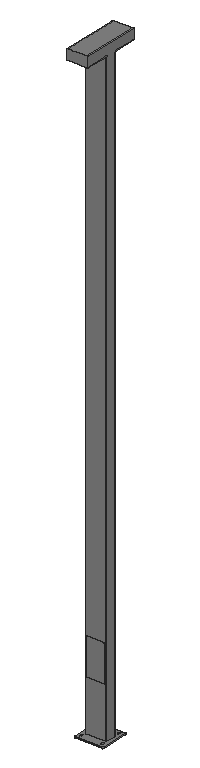
Revit family "Супремус В", category Осветительные приборы, Revit 2019 (continued)
Types (7, lengths in mm): name | Файл фотометрической сетки | built-in parameter 1150105 | Lumens | built-in parameter 1150106 | built-in parameter 1150142 | Wattage | L_общая рассеиватели | ADSK_Фактическая мощность | ADSK_Размер_Высота | ADSK_Номинальная мощность | ADSK_Наименование | ADSK_Масса_Текст | ADSK_Масса | ADSK_Артикул | 2
    87.3 279.2 270.6\r\n 262.2 253.1 243.5 234.7 226.2 218.3 210.2 202.4 193.6 184.4 175.6 167.8 160.7 154.1 147.5 141.1 134.4 128.6 123.8 119.5 115.6\r\n 112.6 109.6 106.4 103.5 100.7 97.9 95.4 93.1 90.6 87.8 85.5 83.2 81.0 78.6 76.2 73.3 70.4 67.2 64.1 60.9 57.8 55.0 52.4 50.0 47.8\r\n 45.8 44.1 42.4 40.8 39.1 37.1 35.2 33.3 31.6 29.8 28.2 26.7 25.3 23.9 22.6 21.4 20.4 19.6 18.9 18.1 17.4 16.8 16.1 15.2 13.9 12.7\r\n 12.0 11.5 11.1 10.6 10.3 9.9 9.5 9.1 8.6 8.3 7.9 7.0 6.3 5.9 5.6 5.4 5.2 5.0 4.9 4.8 4.7 4.6 4.8 4.9 4.7 4.3 4.1 3.7 3.4 3.2 3.0\r\n 2.8 2.7 2.6 2.5 2.3 2.2 2.1 2.0 1.9 1.8 1.6 1.5 1.4 1.3 0.0 0.0 0.0 0.0 0.0 0.0 0.0 0.0 0.0 0.0 0.0 0.0 0.0 0.0 0.0 0.0 0.0 0.0\r\n 0.0 0.0 0.0 0.0 0.0 0.0 0.0 0.0 0.0 0.0 0.0 0.0 0.0 0.0 0.0 0.0 0.0 0.0 0.0 0.0 0.0 0.0 0.0 0.0 0.0 0.0 0.0 0.0 0.0 0.0 0.0 0.0\r\n 0.0 0.0 0.0 0.0 0.0 0.0 0.0 0.0 0.0 0.0 0.0 0.0 0.0 0.0 0.0 0.0 0.0 0.0 0.0 0.0 0.0 0.0 0.0 0.0 0.0 0.0 0.0 0.0 0.0 0.0 0.0 0.0\r\n 0.0 0.0 0.0 0.0 0.0 0.0 0.0 0.0 0.0 0.0 0.0 0.0 0.0 0.0 0.0 0.0 0.0 0.0 0.0 0.0 0.0 0.0 0.0 0.0 0.0 0.0 0.0 0.0 0.0 0.0 0.0 0.0\r\n 0.0 0.0 0.0 0.0 0.0 0.0 0.0 0.0 0.0 0.0 0.0 0.0 0.0 0.0 0.0 0.0 0.0 0.0 0.0 0.0 0.0 0.0 0.0 0.0 0.0 0.0 0.0 0.0 0.0 0.0 0.0 0.0\r\n 0.0 0.0 0.0 0.0 0.0 0.0 0.0 0.0 0.0 0.0 0.0 0.0 0.0 0.0\r\n275.6 278.1 280.8 283.4 286.3 289.3 292.6 296.0 299.5 302.9 305.9 308.9 311.5 314.2 316.6 318.8 321.2 323.4 326.0 328.6 331.0\r\n 333.2 335.2 337.0 338.7 340.4 342.0 343.5 344.8 346.3 347.8 349.1 350.6 352.1 353.3 355.0 356.3 357.8 359.3 360.4 361.4 362.2\r\n 362.8 363.1 363.9 364.3 364.7 364.7 364.5 364.1 363.1 362.5 361.7 361.0 360.6 360.3 359.9 359.5 359.0 358.3 357.3 356.1 354.9\r\n 353.5 351.8 350.0 348.2 346.3 343.7 340.9 337.9 334.7 331.3 327.4 322.9 317.8 313.9 308.9 302.9 296.0 288.4 280.8 272.3 263.8\r\n 254.5 244.2 234.3 225.1 216.9 208.9 200.5 192.3 182.9 173.7 165.6 158.5 151.8 145.5 139.6 133.6 128.2 122.9 117.7 114.3 111.1\r\n 108.2 105.4 102.5 99.5 96.7 94.1 91.6 89.0 86.3 83.8 81.9 80.2 78.2 75.7 73.2 70.3 67.2 64.1 60.7 57.3 54.3 51.7 49.1 46.8 45.0\r\n 43.4 41.9 40.4 38.9 37.0 35.0 33.1 31.4 29.6 28.1 26.7 25.3 23.9 22.7 21.7 20.8 20.0 19.3 18.7 18.0 17.4 16.9 16.2 15.4 14.1 12.7\r\n 11.7 11.2 10.8 10.4 10.1 9.7 9.3 9.0 8.6 8.2 7.8 6.9 6.2 5.8 5.6 5.3 5.1 5.0 4.9 4.8 4.7 4.7 4.9 4.9 4.6 4.3 4.1 3.8 3.4 3.2 3.0\r\n 2.8 2.7 2.6 2.5 2.4 2.4 2.2 2.1 2.0 1.8 1.7 1.5 1.4 1.3 0.0 0.0 0.0 0.0 0.0 0.0 0.0 0.0 0.0 0.0 0.0 0.0 0.0 0.0 0.0 0.0 0.0 0.0\r\n 0.0 0.0 0.0 0.0 0.0 0.0 0.0 0.0 0.0 0.0 0.0 0.0 0.0 0.0 0.0 0.0 0.0 0.0 0.0 0.0 0.0 0.0 0.0 0.0 0.0 0.0 0.0 0.0 0.0 0.0 0.0 0.0\r\n 0.0 0.0 0.0 0.0 0.0 0.0 0.0 0.0 0.0 0.0 0.0 0.0 0.0 0.0 0.0 0.0 0.0 0.0 0.0 0.0 0.0 0.0 0.0 0.0 0.0 0.0 0.0 0.0 0.0 0.0 0.0 0.0\r\n 0.0 0.0 0.0 0.0 0.0 0.0 0.0 0.0 0.0 0.0 0.0 0.0 0.0 0.0 0.0 0.0 0.0 0.0 0.0 0.0 0.0 0.0 0.0 0.0 0.0 0.0 0.0 0.0 0.0 0.0 0.0 0.0\r\n 0.0 0.0 0.0 0.0 0.0 0.0 0.0 0.0 0.0 0.0 0.0 0.0 0.0 0.0 0.0 0.0 0.0 0.0 0.0 0.0 0.0 0.0 0.0 0.0 0.0 0.0 0.0 0.0 0.0 0.0 0.0 0.0\r\n 0.0 0.0 0.0 0.0 0.0 0.0 0.0 0.0 0.0 0.0 0.0 0.0 0.0 0.0\r\n275.6 278.0 280.5 283.4 286.2 289.3 292.9 296.2 299.5 302.8 305.9 308.8 311.4 314.0 316.5 318.8 321.1 323.4 326.0 328.6 330.9\r\n 333.1 335.1 336.6 338.4 340.3 341.8 343.0 344.6 346.0 347.4 349.0 350.4 351.8 353.1 354.7 356.3 357.6 359.0 360.3 361.1 361.9\r\n 362.4 363.0 363.3 363.7 364.3 364.3 363.7 363.0 362.2 361.5 360.6 360.0 359.6 359.3 359.0 358.7 358.1 357.3 356.1 355.1 353.9\r\n 352.4 350.4 348.6 347.1 345.2 342.6 339.9 336.4 333.2 330.0 326.0 320.9 316.0 311.5 306.2 299.9 292.8 284.9 276.9 268.1 259.4\r\n 249.1 238.2 228.2 219.7 211.9 203.4 194.8 185.9 176.5 167.9 160.0 153.1 146.7 140.6 135.0 129.3 123.8 118.8 114.9 111.7 108.7\r\n 106.0 103.1 100.1 96.8 94.1 91.5 88.9 86.0 83.2 81.1 79.6 78.0 75.8 73.4 70.7 67.7 64.7 61.7 58.3 55.1 52.1 49.5 47.1 45.1 43.5\r\n 42.2 40.9 39.5 37.8 36.0 34.0 32.1 30.2 28.7 27.3 25.9 24.5 23.3 22.2 21.2 20.4 19.6 19.0 18.3 17.7 17.0 16.4 15.8 15.0 13.6 12.3\r\n 11.4 10.9 10.5 10.1 9.7 9.3 9.0 8.6 8.3 8.1 7.6 6.7 6.1 5.8 5.5 5.3 5.1 4.9 4.9 4.8 4.6 4.8 4.9 4.9 4.7 4.3 4.1 3.7 3.4 3.2 3.0\r\n 2.8 2.7 2.6 2.5 2.5 2.5 2.4 2.2 2.0 1.9 1.7 1.6 1.5 1.3 0.0 0.0 0.0 0.0 0.0 0.0 0.0 0.0 0.0 0.0 0.0 0.0 0.0 0.0 0.0 0.0 0.0 0.0\r\n 0.0 0.0 0.0 0.0 0.0 0.0 0.0 0.0 0.0 0.0 0.0 0.0 0.0 0.0 0.0 0.0 0.0 0.0 0.0 0.0 0.0 0.0 0.0 0.0 0.0 0.0 0.0 0.0 0.0 0.0 0.0 0.0\r\n 0.0 0.0 0.0 0.0 0.0 0.0 0.0 0.0 0.0 0.0 0.0 0.0 0.0 0.0 0.0 0.0 0.0 0.0 0.0 0.0 0.0 0.0 0.0 0.0 0.0 0.0 0.0 0.0 0.0 0.0 0.0 0.0\r\n 0.0 0.0 0.0 0.0 0.0 0.0 0.0 0.0 0.0 0.0 0.0 0.0 0.0 0.0 0.0 0.0 0.0 0.0 0.0 0.0 0.0 0.0 0.0 0.0 0.0 0.0 0.0 0.0 0.0 0.0 0.0 0.0\r\n 0.0 0.0 0.0 0.0 0.0 0.0 0.0 0.0 0.0 0.0 0.0 0.0 0.0 0.0 0.0 0.0 0.0 0.0 0.0 0.0 0.0 0.0 0.0 0.0 0.0 0.0 0.0 0.0 0.0 0.0 0.0 0.0\r\n 0.0 0.0 0.0 0.0 0.0 0.0 0.0 0.0 0.0 0.0 0.0 0.0 0.0 0.0\r\n275.6 278.0 280.5 283.3 286.2 289.2 292.8 296.0 299.3 302.6 305.8 308.6 311.2 313.8 316.2 318.7 321.0 323.2 325.6 328.1 330.6\r\n 332.8 334.9 336.5 338.1 339.8 341.5 342.8 344.4 345.7 346.9 348.6 350.0 351.2 352.7 354.1 355.8 357.3 358.7 360.0 360.8 361.5\r\n 362.3 362.7 363.1 363.5 364.1 364.2 363.7 363.1 362.3 361.5 360.7 360.1 359.7 359.4 359.0 359.0 358.4 357.6 356.8 355.4 354.5\r\n 353.0 351.2 349.4 347.7 345.9 343.4 340.9 338.1 335.1 331.8 327.9 323.0 318.0 312.8 307.7 301.8 295.0 287.7 279.8 271.2 262.6\r\n 253.0 242.1 232.5 223.9 216.0 207.7 198.8 190.1 180.3 171.0 162.7 155.4 148.8 142.4 136.8 131.5 126.3 120.9 115.7 112.3 109.3\r\n 106.4 103.5 100.5 97.3 94.3 91.5 88.8 85.9 83.1 80.8 79.1 77.6 75.7 73.5 70.9 68.1 65.5 62.7 59.4 56.1 53.2 50.6 48.1 45.9 44.0\r\n 42.5 41.1 39.7 38.1 36.4 34.5 32.7 30.8 29.0 27.6 26.3 24.8 23.5 22.4 21.4 20.6 19.9 19.1 18.5 17.7 17.1 16.4 15.8 15.0 13.8 12.5\r\n 11.5 11.0 10.6 10.2 9.8 9.4 9.1 8.7 8.4 8.1 7.7 6.8 6.0 5.7 5.4 5.2 5.1 4.9 4.8 4.7 4.5 4.6 4.8 4.7 4.8 4.4 4.1 3.8 3.4 3.2 3.0\r\n 2.8 2.6 2.5 2.5 2.4 2.4 2.2 2.1 1.9 1.8 1.7 1.5 1.4 1.3 0.0 0.0 0.0 0.0 0.0 0.0 0.0 0.0 0.0 0.0 0.0 0.0 0.0 0.0 0.0 0.0 0.0 0.0\r\n 0.0 0.0 0.0 0.0 0.0 0.0 0.0 0.0 0.0 0.0 0.0 0.0 0.0 0.0 0.0 0.0 0.0 0.0 0.0 0.0 0.0 0.0 0.0 0.0 0.0 0.0 0.0 0.0 0.0 0.0 0.0 0.0\r\n 0.0 0.0 0.0 0.0 0.0 0.0 0.0 0.0 0.0 0.0 0.0 0.0 0.0 0.0 0.0 0.0 0.0 0.0 0.0 0.0 0.0 0.0 0.0 0.0 0.0 0.0 0.0 0.0 0.0 0.0 0.0 0.0\r\n 0.0 0.0 0.0 0.0 0.0 0.0 0.0 0.0 0.0 0.0 0.0 0.0 0.0 0.0 0.0 0.0 0.0 0.0 0.0 0.0 0.0 0.0 0.0 0.0 0.0 0.0 0.0 0.0 0.0 0.0 0.0 0.0\r\n 0.0 0.0 0.0 0.0 0.0 0.0 0.0 0.0 0.0 0.0 0.0 0.0 0.0 0.0 0.0 0.0 0.0 0.0 0.0 0.0 0.0 0.0 0.0 0.0 0.0 0.0 0.0 0.0 0.0 0.0 0.0 0.0\r\n 0.0 0.0 0.0 0.0 0.0 0.0 0.0 0.0 0.0 0.0 0.0 0.0 0.0 0.0\r\n275.6 278.0 280.6 283.2 286.0 289.1 292.4 296.0 299.3 302.3 305.4 308.2 310.8 313.4 315.7 318.1 320.2 322.5 325.0 327.5 329.8\r\n 331.8 333.8 335.4 337.0 338.7 340.3 341.6 343.0 344.4 345.6 347.1 348.4 349.7 351.1 352.7 354.1 355.6 357.1 358.3 359.4 360.1\r\n 360.6 361.0 361.5 362.1 362.6 362.7 362.6 361.9 361.2 360.6 359.9 359.0 358.7 358.3 358.0 357.7 357.4 356.6 355.8 354.9 353.7\r\n 352.4 350.7 349.0 347.3 345.7 343.6 341.5 339.0 336.6 333.5 329.8 325.1 320.0 314.9 310.0 304.4 298.0 291.5 284.4 276.1 267.8\r\n 258.7 248.6 239.1 230.3 222.3 213.7 205.0 196.4 187.1 177.4 168.7 161.2 154.1 147.2 140.5 134.4 128.4 122.9 118.4 114.7 111.3\r\n 108.3 105.2 102.2 99.1 96.1 93.2 90.4 87.7 85.0 82.3 80.3 78.7 76.8 74.6 72.3 69.6 66.9 64.2 61.5 58.3 55.4 52.8 50.1 47.7 45.6\r\n 43.8 42.2 40.7 39.1 37.5 35.8 34.0 32.2 30.2 28.3 26.8 25.3 23.9 22.5 21.4 20.4 19.5 18.8 18.1 17.4 16.8 16.2 15.5 14.7 13.5 12.4\r\n 11.8 11.3 10.9 10.4 10.1 9.7 9.3 8.9 8.5 8.2 7.8 6.9 6.2 5.8 5.6 5.3 5.1 4.9 4.8 4.8 4.7 4.8 4.9 4.6 4.7 4.5 4.1 3.9 3.5 3.2 3.0\r\n 2.8 2.7 2.5 2.4 2.3 2.2 2.0 1.9 1.8 1.7 1.6 1.5 1.4 1.3 0.0 0.0 0.0 0.0 0.0 0.0 0.0 0.0 0.0 0.0 0.0 0.0 0.0 0.0 0.0 0.0 0.0 0.0\r\n 0.0 0.0 0.0 0.0 0.0 0.0 0.0 0.0 0.0 0.0 0.0 0.0 0.0 0.0 0.0 0.0 0.0 0.0 0.0 0.0 0.0 0.0 0.0 0.0 0.0 0.0 0.0 0.0 0.0 0.0 0.0 0.0\r\n 0.0 0.0 0.0 0.0 0.0 0.0 0.0 0.0 0.0 0.0 0.0 0.0 0.0 0.0 0.0 0.0 0.0 0.0 0.0 0.0 0.0 0.0 0.0 0.0 0.0 0.0 0.0 0.0 0.0 0.0 0.0 0.0\r\n 0.0 0.0 0.0 0.0 0.0 0.0 0.0 0.0 0.0 0.0 0.0 0.0 0.0 0.0 0.0 0.0 0.0 0.0 0.0 0.0 0.0 0.0 0.0 0.0 0.0 0.0 0.0 0.0 0.0 0.0 0.0 0.0\r\n 0.0 0.0 0.0 0.0 0.0 0.0 0.0 0.0 0.0 0.0 0.0 0.0 0.0 0.0 0.0 0.0 0.0 0.0 0.0 0.0 0.0 0.0 0.0 0.0 0.0 0.0 0.0 0.0 0.0 0.0 0.0 0.0\r\n 0.0 0.0 0.0 0.0 0.0 0.0 0.0 0.0 0.0 0.0 0.0 0.0 0.0 0.0\r\n275.6 277.9 280.5 283.0 285.7 288.8 291.9 295.1 298.6 301.8 304.7 307.5 310.0 312.7 314.9 317.1 319.3 321.3 323.8 326.2 328.6\r\n 330.6 332.5 334.2 335.8 337.2 338.8 340.3 341.5 342.8 344.1 345.3 346.5 347.8 348.9 350.4 351.8 353.1 354.7 355.9 357.0 357.9\r\n 358.6 359.0 359.7 360.0 360.6 360.9 361.2 361.1 360.5 359.9 359.4 358.7 358.1 357.7 357.4 357.0 356.8 356.2 355.6 354.8 353.6\r\n 352.7 351.5 350.1 348.5 346.9 345.3 343.9 342.3 340.2 337.9 334.7 330.4 325.3 320.9 316.7 311.2 304.9 298.8 292.8 285.3 277.7\r\n 269.5 260.7 251.8 242.7 234.2 225.7 216.9 208.2 199.5 191.0 182.8 174.6 166.8 159.5 152.7 145.6 139.0 132.8 127.8 122.8 117.9\r\n 114.3 111.0 107.9 104.7 101.5 98.3 95.4 92.7 90.1 87.5 85.0 82.7 80.7 78.6 76.4 73.8 71.0 68.2 65.6 62.8 59.5 56.5 53.7 51.1 48.5\r\n 46.4 44.4 42.7 41.2 39.7 38.3 36.7 34.9 33.1 31.3 29.5 27.5 25.8 24.4 22.9 21.5 20.3 19.4 18.5 17.7 17.0 16.2 15.5 14.6 13.5 12.7\r\n 12.2 11.9 11.4 11.0 10.6 10.3 9.9 9.5 9.0 8.6 8.3 7.7 6.9 6.3 6.0 5.7 5.5 5.3 5.2 5.0 4.8 4.6 4.7 4.7 4.6 4.5 4.2 3.9 3.6 3.3 3.1\r\n 2.9 2.7 2.5 2.3 2.2 2.1 1.9 1.9 1.8 1.7 1.6 1.5 1.4 1.3 0.0 0.0 0.0 0.0 0.0 0.0 0.0 0.0 0.0 0.0 0.0 0.0 0.0 0.0 0.0 0.0 0.0 0.0\r\n 0.0 0.0 0.0 0.0 0.0 0.0 0.0 0.0 0.0 0.0 0.0 0.0 0.0 0.0 0.0 0.0 0.0 0.0 0.0 0.0 0.0 0.0 0.0 0.0 0.0 0.0 0.0 0.0 0.0 0.0 0.0 0.0\r\n 0.0 0.0 0.0 0.0 0.0 0.0 0.0 0.0 0.0 0.0 0.0 0.0 0.0 0.0 0.0 0.0 0.0 0.0 0.0 0.0 0.0 0.0 0.0 0.0 0.0 0.0 0.0 0.0 0.0 0.0 0.0 0.0\r\n 0.0 0.0 0.0 0.0 0.0 0.0 0.0 0.0 0.0 0.0 0.0 0.0 0.0 0.0 0.0 0.0 0.0 0.0 0.0 0.0 0.0 0.0 0.0 0.0 0.0 0.0 0.0 0.0 0.0 0.0 0.0 0.0\r\n 0.0 0.0 0.0 0.0 0.0 0.0 0.0 0.0 0.0 0.0 0.0 0.0 0.0 0.0 0.0 0.0 0.0 0.0 0.0 0.0 0.0 0.0 0.0 0.0 0.0 0.0 0.0 0.0 0.0 0.0 0.0 0.0\r\n 0.0 0.0 0.0 0.0 0.0 0.0 0.0 0.0 0.0 0.0 0.0 0.0 0.0 0.0\r\n275.6 277.9 280.2 282.8 285.5 288.3 291.4 294.6 297.9 300.9 303.8 306.5 308.9 311.5 313.7 315.9 318.0 319.9 322.1 324.4 326.7\r\n 328.7 330.6 332.3 333.7 335.0 336.3 337.6 339.0 340.3 341.4 342.6 343.8 344.9 345.9 347.2 348.3 349.8 351.0 352.3 353.5 354.7\r\n 355.4 356.0 356.6 357.1 357.5 358.0 358.6 358.8 358.7 358.4 357.9 357.6 357.2 356.6 356.3 356.2 355.9 355.5 355.2 354.7 353.9\r\n 353.1 352.1 351.0 349.9 348.4 346.9 346.0 345.2 343.6 342.2 339.6 335.8 330.6 326.0 322.7 318.0 311.6 305.1 299.7 293.4 286.7\r\n 279.6 271.7 264.0 256.0 248.5 241.1 233.2 225.1 216.8 208.7 200.6 193.0 185.6 178.3 171.0 163.4 156.1 149.0 142.5 136.7 131.3\r\n 126.5 122.2 118.3 114.7 111.0 107.6 104.2 100.7 97.7 94.8 92.1 89.3 87.0 84.7 82.7 80.5 78.0 75.2 72.1 69.2 66.4 63.5 60.7 57.6\r\n 54.4 51.5 48.9 46.6 44.6 42.9 41.3 39.8 38.3 36.8 35.2 33.4 31.7 30.0 28.1 26.3 24.6 23.1 21.8 20.6 19.5 18.6 17.9 17.1 16.4 15.6\r\n 14.8 14.0 13.5 13.0 12.6 12.1 11.7 11.2 10.8 10.3 9.8 9.4 8.9 8.2 7.7 7.3 7.1 6.8 6.5 6.3 6.1 5.8 5.5 5.3 5.3 5.2 4.9 4.6 4.2 3.9\r\n 3.6 3.3 3.0 2.8 2.6 2.4 2.2 2.0 1.9 1.8 1.7 1.6 1.5 1.4 1.3 1.2 0.0 0.0 0.0 0.0 0.0 0.0 0.0 0.0 0.0 0.0 0.0 0.0 0.0 0.0 0.0 0.0\r\n 0.0 0.0 0.0 0.0 0.0 0.0 0.0 0.0 0.0 0.0 0.0 0.0 0.0 0.0 0.0 0.0 0.0 0.0 0.0 0.0 0.0 0.0 0.0 0.0 0.0 0.0 0.0 0.0 0.0 0.0 0.0 0.0\r\n 0.0 0.0 0.0 0.0 0.0 0.0 0.0 0.0 0.0 0.0 0.0 0.0 0.0 0.0 0.0 0.0 0.0 0.0 0.0 0.0 0.0 0.0 0.0 0.0 0.0 0.0 0.0 0.0 0.0 0.0 0.0 0.0\r\n 0.0 0.0 0.0 0.0 0.0 0.0 0.0 0.0 0.0 0.0 0.0 0.0 0.0 0.0 0.0 0.0 0.0 0.0 0.0 0.0 0.0 0.0 0.0 0.0 0.0 0.0 0.0 0.0 0.0 0.0 0.0 0.0\r\n 0.0 0.0 0.0 0.0 0.0 0.0 0.0 0.0 0.0 0.0 0.0 0.0 0.0 0.0 0.0 0.0 0.0 0.0 0.0 0.0 0.0 0.0 0.0 0.0 0.0 0.0 0.0 0.0 0.0 0.0 0.0 0.0\r\n 0.0 0.0 0.0 0.0 0.0 0.0 0.0 0.0 0.0 0.0 0.0 0.0 0.0 0.0 0.0 0.0\r\n275.6 277.9 280.1 282.6 285.0 287.7 290.6 293.5 296.7 299.7 302.5 305.4 307.9 310.2 312.5 314.4 316.5 318.4 320.2 322.4 324.4\r\n 326.4 328.4 330.1 331.4 332.9 334.0 335.5 336.7 338.0 339.4 340.3 341.3 342.2 343.1 344.1 345.0 346.1 347.4 348.5 349.8 351.0\r\n 352.2 353.1 353.7 354.3 355.0 355.2 356.0 356.6 357.1 357.4 357.5 357.2 357.1 357.0 356.8 356.5 356.5 356.5 356.3 355.8 355.5\r\n 355.1 354.5 353.7 352.9 352.0 350.7 349.7 349.3 348.7 347.8 346.5 344.1 340.5 336.0 332.7 329.1 324.0 318.2 312.9 307.9 302.1\r\n 296.1 290.1 283.9 277.7 271.3 264.8 258.5 251.4 244.4 237.5 230.5 223.4 216.1 208.7 201.5 194.2 187.2 180.1 173.2 166.4 159.7\r\n 153.5 147.5 141.9 137.0 132.4 127.7 123.1 118.4 114.1 109.7 105.7 102.1 98.4 94.7 91.3 88.5 86.1 83.9 81.4 78.7 75.6 72.3 69.1\r\n 66.1 63.0 59.8 56.4 53.0 49.9 47.1 44.7 42.7 40.9 39.3 37.8 36.5 35.1 33.8 32.4 30.9 29.3 27.8 26.3 24.7 23.3 22.3 21.5 20.8 20.0\r\n 19.2 18.5 17.9 17.4 16.7 16.1 15.4 14.9 14.4 13.9 13.3 12.7 12.1 11.7 11.1 10.4 9.9 9.5 9.1 8.8 8.4 8.1 7.7 7.2 6.8 6.6 6.4 6.1\r\n 5.6 5.1 4.6 4.1 3.7 3.4 3.1 2.8 2.6 2.4 2.2 2.0 1.9 1.7 1.7 1.5 1.4 1.3 1.1 0.0 0.0 0.0 0.0 0.0 0.0 0.0 0.0 0.0 0.0 0.0 0.0 0.0\r\n 0.0 0.0 0.0 0.0 0.0 0.0 0.0 0.0 0.0 0.0 0.0 0.0 0.0 0.0 0.0 0.0 0.0 0.0 0.0 0.0 0.0 0.0 0.0 0.0 0.0 0.0 0.0 0.0 0.0 0.0 0.0 0.0\r\n 0.0 0.0 0.0 0.0 0.0 0.0 0.0 0.0 0.0 0.0 0.0 0.0 0.0 0.0 0.0 0.0 0.0 0.0 0.0 0.0 0.0 0.0 0.0 0.0 0.0 0.0 0.0 0.0 0.0 0.0 0.0 0.0\r\n 0.0 0.0 0.0 0.0 0.0 0.0 0.0 0.0 0.0 0.0 0.0 0.0 0.0 0.0 0.0 0.0 0.0 0.0 0.0 0.0 0.0 0.0 0.0 0.0 0.0 0.0 0.0 0.0 0.0 0.0 0.0 0.0\r\n 0.0 0.0 0.0 0.0 0.0 0.0 0.0 0.0 0.0 0.0 0.0 0.0 0.0 0.0 0.0 0.0 0.0 0.0 0.0 0.0 0.0 0.0 0.0 0.0 0.0 0.0 0.0 0.0 0.0 0.0 0.0 0.0\r\n 0.0 0.0 0.0 0.0 0.0 0.0 0.0 0.0 0.0 0.0 0.0 0.0 0.0 0.0 0.0 0.0 0.0 0.0 0.0\r\n275.6 277.7 280.0 282.2 284.4 286.9 289.7 292.4 295.3 298.3 301.0 303.6 306.0 308.2 310.4 312.2 314.1 316.0 317.8 319.2 321.5\r\n 323.3 325.2 326.8 328.3 329.6 331.0 332.3 333.4 334.7 335.9 336.9 337.7 338.6 339.5 340.2 340.9 341.8 342.9 343.9 345.0 346.1\r\n 347.3 348.2 349.4 350.2 351.0 351.5 352.3 352.9 353.5 354.3 354.9 355.5 355.8 356.1 356.2 356.2 356.5 356.6 356.6 356.8 356.6\r\n 356.5 356.2 356.1 355.9 355.7 355.0 354.1 353.8 353.5 353.3 353.1 352.0 349.7 346.8 344.5 342.0 338.2 333.6 329.4 325.5 321.5\r\n 316.6 311.5 306.5 301.3 296.1 290.7 285.5 280.2 274.8 269.2 263.2 257.5 251.5 245.7 239.7 233.4 226.6 219.1 211.5 204.1 197.0\r\n 190.4 183.8 176.9 170.1 163.8 157.8 152.2 146.8 141.3 135.8 130.7 125.8 121.1 116.6 112.3 107.9 103.3 99.3 95.9 93.1 90.6 87.8\r\n 84.7 81.3 77.6 74.0 70.7 67.5 64.1 60.7 57.4 54.2 51.0 48.0 45.7 43.7 41.9 40.3 38.9 37.5 36.3 35.0 33.8 32.5 31.3 30.1 29.0 27.7\r\n 26.5 25.5 24.5 23.7 22.9 22.0 21.1 20.2 19.4 18.6 17.8 17.1 16.4 15.7 15.0 14.2 13.2 12.3 11.5 10.9 10.2 9.6 9.0 8.3 7.6 7.1 6.6\r\n 6.2 5.9 5.4 5.0 4.4 4.0 3.6 3.3 3.0 2.8 2.5 2.3 2.1 2.0 1.9 1.8 1.6 1.5 1.3 1.2 1.0 0.0 0.0 0.0 0.0 0.0 0.0 0.0 0.0 0.0 0.0 0.0\r\n 0.0 0.0 0.0 0.0 0.0 0.0 0.0 0.0 0.0 0.0 0.0 0.0 0.0 0.0 0.0 0.0 0.0 0.0 0.0 0.0 0.0 0.0 0.0 0.0 0.0 0.0 0.0 0.0 0.0 0.0 0.0 0.0\r\n 0.0 0.0 0.0 0.0 0.0 0.0 0.0 0.0 0.0 0.0 0.0 0.0 0.0 0.0 0.0 0.0 0.0 0.0 0.0 0.0 0.0 0.0 0.0 0.0 0.0 0.0 0.0 0.0 0.0 0.0 0.0 0.0\r\n 0.0 0.0 0.0 0.0 0.0 0.0 0.0 0.0 0.0 0.0 0.0 0.0 0.0 0.0 0.0 0.0 0.0 0.0 0.0 0.0 0.0 0.0 0.0 0.0 0.0 0.0 0.0 0.0 0.0 0.0 0.0 0.0\r\n 0.0 0.0 0.0 0.0 0.0 0.0 0.0 0.0 0.0 0.0 0.0 0.0 0.0 0.0 0.0 0.0 0.0 0.0 0.0 0.0 0.0 0.0 0.0 0.0 0.0 0.0 0.0 0.0 0.0 0.0 0.0 0.0\r\n 0.0 0.0 0.0 0.0 0.0 0.0 0.0 0.0 0.0 0.0 0.0 0.0 0.0 0.0 0.0 0.0 0.0 0.0 0.0 0.0 0.0\r\n275.6 277.6 279.6 281.8 283.9 286.2 288.6 291.3 293.7 296.5 299.1 301.6 303.9 306.0 308.0 310.0 311.6 313.5 315.1 316.6 318.2\r\n 319.9 321.6 323.3 324.9 326.2 327.7 328.9 330.2 331.3 332.1 333.1 334.2 335.4 336.0 336.9 337.5 338.3 339.0 339.8 340.5 341.4\r\n 342.2 343.2 344.3 345.2 346.3 347.5 348.6 349.6 350.4 351.2 352.2 353.0 353.9 354.8 355.5 356.3 356.9 357.5 358.0 358.5 359.0\r\n 359.7 360.0 360.4 360.8 361.1 361.4 361.4 361.4 361.5 361.8 362.2 362.7 361.8 360.2 358.7 357.5 355.2 352.1 348.8 345.8 343.1\r\n 340.3 337.2 333.8 330.8 327.4 324.2 320.5 316.9 312.9 308.8 304.4 299.8 295.3 291.1 286.9 282.7 278.4 274.0 269.3 264.3 258.8\r\n 252.6 246.1 239.6 232.8 225.8 218.8 211.7 205.0 198.8 193.2 187.8 182.6 177.2 171.2 165.0 159.0 152.7 147.0 141.3 135.5 130.8\r\n 126.3 12
